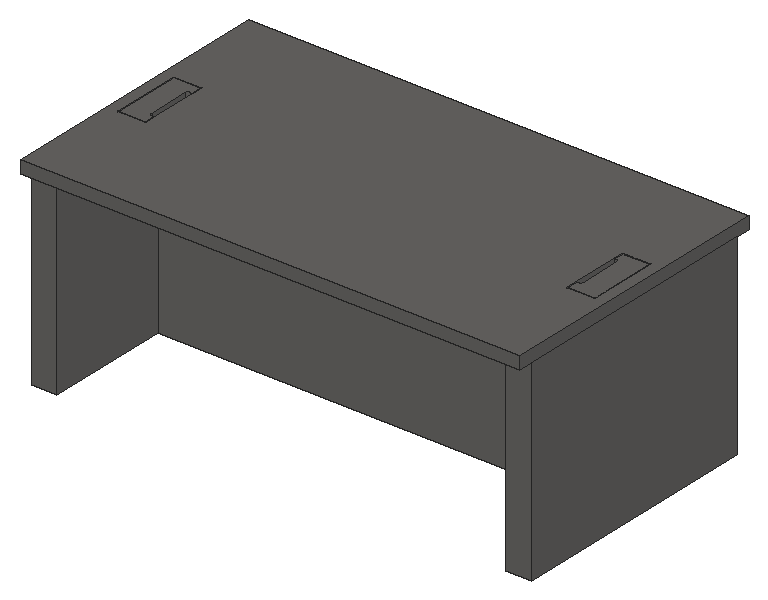
Revit family "Table-Teknion-ZXWT_Wood_Gable-R2011", category Furniture, Revit 2013
Parameters (values of type "(See Type Catalog)")
  With Grommets = yes
  Width = 70.0000"
  Warranty = "http://www.teknionstudio.com/pdfs/Teknion%20Studio%20Warranty.pdf"
  Unit Weight = 0.00 lbf
  Unit Finish [instance] = Veneer - Teknion - P7 - Grey Oak
  URL = "www.teknionstudio.com"
  Series = "B&B Italia"
  Product Page URL = "http://www.teknionstudio.com/acexecutive/"
  Product Line = "AC Executive"
  Product Documentation Link = "http://www.teknionstudio.com/pricing/ac_executive_ppg.pdf"
  Part Number = "ZXWT"
  Modesty Visibility Control = or(Has Full Modesty, or(Has Half Modesty))  # yes
  Modesty Lenght = if(Has Full Modesty, (Height - 1.7646" - 0.6299"), if(Has Half Modesty, (Height - 1.7646" - 0.6299") / 2, 1.0000"))  # 27.32816"
  Model = ""
  Manufacturer Phone = "919-464-2920"
  Manufacturer Fax = "919-464-2927"
  Manufacturer Email = "customersupport@teknionstudio.com"
  Manufacturer Address = "3940 US 70 Business HWY West, Clayton, NC 27520"
  Manufacturer = "Teknion Studio"  # constant formula
  Low Emitting Material = yes
  Low Emitting Finish = yes
  Height = 29.72266"
  Has Support Bar = and(not(Has Half Modesty), not(Has Full Modesty))  # no
  Has Half Modesty = no
  Has Full Modesty = yes
  Grommet Void = if(With Grommets, 10.5000", 2.0000")  # 10.5000"
  Description = ""
  Depth = 40.0000"
  Assembly Code = "E2020200"
Reference planes (in)
  plane 1 "Center F/B": y = 0
  plane 2: z = 0
  plane 3 "Center L/R": x = 0
  plane 4 "Left": x = -35
  plane 5 "Right": x = 35
  plane 6 "Back": y = 20
  plane 7 "Front": y = -20
  plane 8 "Top": z = 29.72266
  plane 9: z = 27.95806
  plane 10: z = 19.72266
  plane 11: z = 30.22266
  plane 12: z = 0.6299
  plane 13 "Foot Centerline": y = -16
  plane 14 "Centerline": y = -16
  plane 15 "Back Foot Centerline": y = 16
  plane 16: y = 16
  plane 17: y = -11
  plane 18: y = 16
  plane 19: z = 0.6299
Forms (in)
  Sweep 1, solid, material "Veneer - Teknion - P7 - Grey Oak" <- "Unit Finish"
    path origin (0, 0, 15.40683) x (-1, 0, 0) y (0, -1, 0)
      loop
        line (-35, 0) -> (35, 0)
    profile origin (0, 0, 15.40683) x (0, -1, 0) y (0, 0, 1)
      loop
        line (-20, 14.31582) -> (-20, 12.55122) -> (20, 12.55122) -> (20, 14.31582) -> (-20, 14.31582)
  Sweep 2, void
    path origin (0, 0, 0) x (1, 0, 0) y (0, 0, 1)
      loop
        line (0, 19.72266) -> (0, 30.22266)
    profile origin (0, 0, 24.97266) x (-1, 0, 0) y (0, -1, 0)
      loop
        line (29.61319, -3.34646) -> (29.61319, -4.67008)
        arc (29.61319, -4.67008) -> (29.65015, -4.7593) -> (29.73937, -4.79626) r 0.12618
        line (29.73937, -4.79626) -> (33.17402, -4.79626)
        arc (33.17402, -4.79626) -> (33.26324, -4.7593) -> (33.3002, -4.67008) r 0.12618
        line (33.3002, -4.67008) -> (33.3002, 4.67008)
        arc (33.3002, 4.67008) -> (33.26324, 4.7593) -> (33.17402, 4.79626) r 0.12618
        line (33.17402, 4.79626) -> (29.73937, 4.79626)
        arc (29.73937, 4.79626) -> (29.65015, 4.7593) -> (29.61319, 4.67008) r 0.12618
        line (29.61319, 4.67008) -> (29.61319, 3.34646) -> (29.88189, 3.34646)
        arc (29.88189, 3.34646) -> (30.16028, 3.23114) -> (30.27559, 2.95276) r 0.3937
        line (30.27559, 2.95276) -> (30.27559, -2.95276)
        arc (30.27559, -2.95276) -> (30.16028, -3.23114) -> (29.88189, -3.34646) r 0.3937
        line (29.88189, -3.34646) -> (29.61319, -3.34646)
      loop
        arc (29.48819, -4.76378) -> (29.53431, -4.87513) -> (29.64567, -4.92126) r 0.15748
        line (29.64567, -4.92126) -> (33.26772, -4.92126)
        arc (33.26772, -4.92126) -> (33.37907, -4.87513) -> (33.4252, -4.76378) r 0.15748
        line (33.4252, -4.76378) -> (33.4252, 4.76378)
        arc (33.4252, 4.76378) -> (33.37907, 4.87513) -> (33.26772, 4.92126) r 0.15748
        line (33.26772, 4.92126) -> (29.64567, 4.92126)
        arc (29.64567, 4.92126) -> (29.53431, 4.87513) -> (29.48819, 4.76378) r 0.15748
        line (29.48819, 4.76378) -> (29.48819, -4.76378)
      loop
        line (-29.61319, -3.34646) -> (-29.88189, -3.34646)
        arc (-29.88189, -3.34646) -> (-30.16028, -3.23114) -> (-30.27559, -2.95276) r 0.3937
        line (-30.27559, -2.95276) -> (-30.27559, 2.95276)
        arc (-30.27559, 2.95276) -> (-30.16028, 3.23114) -> (-29.88189, 3.34646) r 0.3937
        line (-29.88189, 3.34646) -> (-29.61319, 3.34646) -> (-29.61319, 4.67008)
        arc (-29.61319, 4.67008) -> (-29.65015, 4.7593) -> (-29.73937, 4.79626) r 0.12618
        line (-29.73937, 4.79626) -> (-33.17402, 4.79626)
        arc (-33.17402, 4.79626) -> (-33.26324, 4.7593) -> (-33.3002, 4.67008) r 0.12618
        line (-33.3002, 4.67008) -> (-33.3002, -4.67008)
        arc (-33.3002, -4.67008) -> (-33.26324, -4.7593) -> (-33.17402, -4.79626) r 0.12618
        line (-33.17402, -4.79626) -> (-29.73937, -4.79626)
        arc (-29.73937, -4.79626) -> (-29.65015, -4.7593) -> (-29.61319, -4.67008) r 0.12618
        line (-29.61319, -4.67008) -> (-29.61319, -3.34646)
      loop
        line (-29.48819, -4.76378) -> (-29.48819, 4.76378)
        arc (-29.48819, 4.76378) -> (-29.53431, 4.87513) -> (-29.64567, 4.92126) r 0.15748
        line (-29.64567, 4.92126) -> (-33.26772, 4.92126)
        arc (-33.26772, 4.92126) -> (-33.37907, 4.87513) -> (-33.4252, 4.76378) r 0.15748
        line (-33.4252, 4.76378) -> (-33.4252, -4.76378)
        arc (-33.4252, -4.76378) -> (-33.37907, -4.87513) -> (-33.26772, -4.92126) r 0.15748
        line (-33.26772, -4.92126) -> (-29.64567, -4.92126)
        arc (-29.64567, -4.92126) -> (-29.53431, -4.87513) -> (-29.48819, -4.76378) r 0.15748
  Sweep 3, solid, material "Veneer - Teknion - P7 - Grey Oak" <- "Unit Finish"
    path origin (0, 0, 0) x (1, 0, 0) y (0, 0, 1)
      loop
        line (0, 27.95806) -> (0, 0.6299)
    profile origin (0, 0, 14.29398) x (0, -1, 0) y (1, 0, 0)
      loop
        line (-18, -35) -> (18, -35) -> (18, -31.4567) -> (-18, -31.4567) -> (-18, -35)
      loop
        line (-18, 35) -> (-18, 31.4567) -> (18, 31.4567) -> (18, 35) -> (-18, 35)
  Revolve 4, solid, material "Metal - Teknion - C6 - Chrome"
    sketch origin (0, -16, 0) x (-1, 0, 0) y (0, 0, 1)
      loop
        line (33.22835, 0) -> (33.96634, 0) -> (33.96634, 0.16) -> (33.51069, 0.16) -> (33.51069, 0.6299) -> (33.22835, 0.6299) -> (33.22835, 0)
      axis (33.22835, 0.6299) -> (33.22835, 0)
    angle from 0 to 360
  Revolve 5, solid, material "Metal - Teknion - C6 - Chrome"
    sketch origin (4.5366, 16, 0) x (-1, 0, 0) y (0, 0, 1)
      loop
        line (37.76495, 0) -> (38.50294, 0) -> (38.50294, 0.16) -> (38.04729, 0.16) -> (38.04729, 0.6299) -> (37.76495, 0.6299) -> (37.76495, 0)
      axis (37.76495, 0.6299) -> (37.76495, 0)
    angle from 0 to 360
  Revolve 6, solid, material "Metal - Teknion - C6 - Chrome"
    sketch origin (0, -16, 0) x (-1, 0, 0) y (0, 0, 1)
      loop
        line (-33.22835, 0) -> (-33.22835, 0.6299) -> (-33.51069, 0.6299) -> (-33.51069, 0.16) -> (-33.96634, 0.16) -> (-33.96634, 0) -> (-33.22835, 0)
      axis (-33.22835, 0.6299) -> (-33.22835, 0)
    angle from 0 to 360
  Revolve 7, solid, material "Metal - Teknion - C6 - Chrome"
    sketch origin (-4.5366, 16, 0) x (1, 0, 0) y (0, 0, 1)
      loop
        line (37.76495, 0) -> (38.50294, 0) -> (38.50294, 0.16) -> (38.04729, 0.16) -> (38.04729, 0.6299) -> (37.76495, 0.6299) -> (37.76495, 0)
      axis (37.76495, 0.6299) -> (37.76495, 0)
    angle from 0 to 360
  Sweep 8, solid, material "Veneer - Teknion - P7 - Grey Oak" <- "Unit Finish", visible <- "Modesty Visibility Control"
    path origin (0, 0, 0) x (1, 0, 0) y (0, 0, 1)
      loop
        line (0, 27.95806) -> (0, 0.6299)
    profile origin (0, 0, 14.29398) x (0, -1, 0) y (1, 0, 0)
      loop
        line (-0.3622, -31.4567) -> (0.3622, -31.4567) -> (0.3622, 31.4567) -> (-0.3622, 31.4567) -> (-0.3622, -31.4567)
  Sweep 9, solid, material "Metal - Teknion - C6 - Chrome", visible <- "Has Support Bar"
    path origin (0, 0, 29.72266) x (-1, 0, 0) y (0, -1, 0)
      loop
        line (31.4567, 0) -> (-31.4567, 0)
    profile origin (0, 0, 29.72266) x (0, 1, 0) y (0, 0, 1)
      loop
        circle (0, -5.709) r 0.5905
  Sweep 10, solid, material "Metal - Teknion - C6 - Chrome", visible <- "Has Support Bar"
    path origin (0, 0, 0) x (1, 0, 0) y (0, 0, 1)
      loop
        line (0, 24.01366) -> (0, 27.95806)
    profile origin (0, 0, 25.98586) x (-1, 0, 0) y (0, -1, 0)
      loop
        circle (0, 0) r 0.5905
Cuts and joins
  Sweep 2 cuts Sweep 1
  joined: Sweep 9, Sweep 10
Lines and regions (in)
  Masking region 1
    outline origin (0, 0, 29.72266) x (-1, 0, 0) y (0, -1, 0)
      loop
        line (35, -20) -> (35, 20) -> (-35, 20) -> (-35, -20) -> (35, -20)
  symbolic lines, visible <- "With Grommets", detail levels medium+fine
    curve 1: arc (-30.27559, 2.95276, 29.72266) -> (-30.16028, 3.23114, 29.72266) -> (-29.88189, 3.34646, 29.72266) r 0.3937
    curve 2: line (-29.88189, 3.34646, 29.72266) -> (-29.48819, 3.34646, 29.72266)
    curve 4: line (-29.48819, -3.34646, 29.72266) -> (-29.88189, -3.34646, 29.72266)
    curve 5: arc (-29.88189, -3.34646, 29.72266) -> (-30.16028, -3.23114, 29.72266) -> (-30.27559, -2.95276, 29.72266) r 0.3937
    curve 6: line (-30.27559, -2.95276, 29.72266) -> (-30.27559, 2.95276, 29.72266)
    curve 12: arc (30.27559, 2.95276, 29.72266) -> (30.16028, 3.23114, 29.72266) -> (29.88189, 3.34646, 29.72266) r 0.3937
    curve 13: line (29.88189, 3.34646, 29.72266) -> (29.48819, 3.34646, 29.72266)
    curve 15: line (29.48819, -3.34646, 29.72266) -> (29.88189, -3.34646, 29.72266)
    curve 16: arc (29.88189, -3.34646, 29.72266) -> (30.16028, -3.23114, 29.72266) -> (30.27559, -2.95276, 29.72266) r 0.3937
    curve 17: line (30.27559, -2.95276, 29.72266) -> (30.27559, 2.95276, 29.72266)
  symbolic lines, visible <- "With Grommets"
    curve 3: line (-29.48819, 4.76378, 29.72266) -> (-29.48819, -4.76378, 29.72266)
    curve 7: line (-29.64567, -4.92126, 29.72266) -> (-33.26772, -4.92126, 29.72266)
    curve 8: arc (-29.64567, -4.92126, 29.72266) -> (-29.53431, -4.87513, 29.72266) -> (-29.48819, -4.76378, 29.72266) r 0.15748
    curve 9: arc (-33.4252, -4.76378, 29.72266) -> (-33.37907, -4.87513, 29.72266) -> (-33.26772, -4.92126, 29.72266) r 0.15748
    curve 10: line (-33.4252, -4.76378, 29.72266) -> (-33.4252, 4.76378, 29.72266)
    curve 11: arc (-29.48819, 4.76378, 29.72266) -> (-29.53431, 4.87513, 29.72266) -> (-29.64567, 4.92126, 29.72266) r 0.15748
    curve 14: line (29.48819, 4.76378, 29.72266) -> (29.48819, -4.76378, 29.72266)
    curve 18: line (29.64567, -4.92126, 29.72266) -> (33.26772, -4.92126, 29.72266)
    curve 19: line (33.4252, -4.76378, 29.72266) -> (33.4252, 4.76378, 29.72266)
    curve 20: line (33.26772, 4.92126, 29.72266) -> (29.64567, 4.92126, 29.72266)
    curve 21: line (-33.26772, 4.92126, 29.72266) -> (-29.64567, 4.92126, 29.72266)
    curve 22: arc (-29.64567, 4.92126, 29.72266) -> (-29.53431, 4.87513, 29.72266) -> (-29.48819, 4.76378, 29.72266) r 0.15748
    curve 23: arc (29.64567, -4.92126, 29.72266) -> (29.53431, -4.87513, 29.72266) -> (29.48819, -4.76378, 29.72266) r 0.15748
    curve 24: arc (33.4252, -4.76378, 29.72266) -> (33.37907, -4.87513, 29.72266) -> (33.26772, -4.92126, 29.72266) r 0.15748
    curve 25: arc (29.48819, 4.76378, 29.72266) -> (29.53431, 4.87513, 29.72266) -> (29.64567, 4.92126, 29.72266) r 0.15748
    curve 26: arc (33.26772, 4.92126, 29.72266) -> (33.37907, 4.87513, 29.72266) -> (33.4252, 4.76378, 29.72266) r 0.15748
    curve 27: arc (-33.4252, 4.76378, 29.72266) -> (-33.37907, 4.87513, 29.72266) -> (-33.26772, 4.92126, 29.72266) r 0.15748
  symbolic lines, style "FurnitureHiddenLines", detail levels medium+fine
    curve 28: line (-31.4567, 18, 29.72266) -> (-31.4567, -18, 29.72266)
    curve 29: line (31.4567, -18, 29.72266) -> (31.4567, 18, 29.72266)
    curve 31: line (-31.4567, 18, 29.72266) -> (-35, 18, 29.72266)
    curve 32: line (-35, -18, 29.72266) -> (-31.4567, -18, 29.72266)
    curve 33: line (35, 18, 29.72266) -> (31.4567, 18, 29.72266)
    curve 34: line (31.4567, -18, 29.72266) -> (35, -18, 29.72266)
  symbolic lines, style "FurnitureHiddenLines", visible <- "Modesty Visibility Control", detail levels fine
    curve 30: line (-31.4567, 0.3622, 29.72266) -> (31.4567, 0.3622, 29.72266)
    curve 35: line (-31.4567, -0.3622, 29.72266) -> (31.4567, -0.3622, 29.72266)
Dimensions and locks (in)
  "Height": plane 8 "Top" to plane 2
  equal spacing: plane 4 "Left", plane 3 "Center L/R", plane 5 "Right"
  "Width": plane 4 "Left" to plane 5 "Right"
  equal spacing: plane 6 "Back", plane 1 "Center F/B", plane 7 "Front"
  "Depth": plane 6 "Back" to plane 7 "Front"
  locked: plane 8 "Top" to plane 9 at 1.7646
  locked: plane 8 "Top" to plane 10 at 10
  "Grommet Void": plane 11 to plane 10
  locked: plane 4 "Left" to Sweep 2 sketch curve at 5.51181
  Sweep 2 sketch curve to plane 1 "Center F/B" to Sweep 2 sketch curve = 3.34646" locked, 3.34646" locked  (x2)
  locked: Sweep 2 sketch curve to Sweep 2 sketch curve at 0.7874  (x2)
  Sweep 2 sketch curve to plane 1 "Center F/B" to Sweep 2 sketch curve = 4.92126" locked, 4.92126" locked  (x2)
  locked: Sweep 2 sketch curve to plane 5 "Right" at 5.51181
  locked: plane 12 to plane 2 at 0.6299
  locked: plane 4 "Left" to Sweep 3 sketch curve at 3.5433
  locked: plane 13 "Foot Centerline" to plane 7 "Front" at 4
  plane 13 "Foot Centerline" to plane 14 "Centerline" = 0.0000"
  locked: Revolve 4 sketch curve to Revolve 4 sketch curve at 0.16
  locked: plane 4 "Left" to Revolve 4 sketch curve at 1.77165
  Revolve 4 sketch curve to Revolve 4 sketch curve to Revolve 4 sketch curve = 0.28234" locked, 0.45565" locked
  locked: plane 6 "Back" to plane 15 "Back Foot Centerline" at 4
  locked: Revolve 5 sketch curve to Revolve 5 sketch curve at 0.16
  Revolve 5 sketch curve to Revolve 5 sketch curve to Revolve 5 sketch curve = 0.28234" locked, 0.45565" locked
  locked: Revolve 5 sketch curve to plane 4 "Left" at 1.77165
  locked: Revolve 6 sketch curve to Revolve 6 sketch curve at 0.16
  Revolve 6 sketch curve to Revolve 6 sketch curve to Revolve 6 sketch curve = 0.28234" locked, 0.45565" locked
  locked: Revolve 7 sketch curve to Revolve 7 sketch curve at 0.16
  Revolve 7 sketch curve to Revolve 7 sketch curve to Revolve 7 sketch curve = 0.28234" locked, 0.45565" locked
  locked: plane 5 "Right" to Revolve 7 sketch curve at 1.77165
  locked: plane 5 "Right" to Revolve 6 sketch curve at 1.77165
  locked: Sweep 3 sketch curve to plane 6 "Back" at 2
  locked: Sweep 3 sketch curve to plane 5 "Right" at 3.5433
  locked: Sweep 3 sketch curve to plane 7 "Front" at 2
  locked: plane 6 "Back" to Sweep 3 sketch curve at 2
  locked: plane 7 "Front" to Sweep 3 sketch curve at 2
  "Modesty Lenght": plane 9 to plane 19
  locked: Sweep 8 sketch curve to plane 5 "Right" at 3.5433
  locked: plane 4 "Left" to Sweep 8 sketch curve at 3.5433
  equal spacing: Sweep 8 sketch curve, plane 1 "Center F/B", Sweep 8 sketch curve, locked at 0.3622 each
  Sweep 8 to plane 1 "Center F/B" to Sweep 8 = 0.3622" locked, 0.3622" locked
  locked: Sweep 9 sketch curve to plane 5 "Right" at 3.5433
  locked: plane 4 "Left" to Sweep 9 sketch curve at 3.5433
  locked: plane 8 "Top" to Sweep 9 sketch curve at 5.709
  locked: plane 9 to Sweep 10 sketch curve at 3.9444
  aligned and locked: level to plane 2
  aligned and locked: Sweep 1 sketch curve to plane 1 "Center F/B"
  aligned and locked: plane 4 "Left" to Sweep 1 sketch curve
  aligned and locked: plane 5 "Right" to Sweep 1 sketch curve
  aligned and locked: plane 9 to Sweep 1 sketch curve
  aligned and locked: Sweep 1 sketch curve to plane 8 "Top"
  aligned and locked: Sweep 1 sketch curve to plane 7 "Front"
  aligned and locked: Sweep 1 sketch curve to plane 6 "Back"
  aligned and locked: plane 3 "Center L/R" to Sweep 2 sketch curve
  aligned and locked: plane 11 to Sweep 2 sketch curve
  aligned and locked: plane 10 to Sweep 2 sketch curve
  aligned and locked: Masking region 1 sketch curve to plane 6 "Back"
  aligned and locked: Masking region 1 sketch curve to plane 7 "Front"
  aligned and locked: Masking region 1 sketch curve to plane 5 "Right"
  aligned and locked: Masking region 1 sketch curve to plane 4 "Left"
  aligned and locked: curve 1 to cut or joined group of Sweep 1, Sweep 2
  aligned and locked: curve 4 to cut or joined group of Sweep 1, Sweep 2
  aligned and locked: curve 5 to cut or joined group of Sweep 1, Sweep 2
  aligned and locked: curve 22 to curve 11
  aligned and locked: curve 21 to curve 11
  aligned and locked: curve 23 to cut or joined group of Sweep 1, Sweep 2
  aligned and locked: curve 24 to cut or joined group of Sweep 1, Sweep 2
  aligned and locked: curve 25 to cut or joined group of Sweep 1, Sweep 2
  aligned and locked: curve 26 to cut or joined group of Sweep 1, Sweep 2
  aligned and locked: curve 27 to cut or joined group of Sweep 1, Sweep 2
  aligned and locked: plane 12 to Sweep 3 sketch curve
  aligned and locked: plane 9 to Sweep 3 sketch curve
  aligned and locked: Sweep 3 sketch curve to plane 3 "Center L/R"
  aligned and locked: plane 4 "Left" to Sweep 3 sketch curve
  aligned and locked: plane 2 to Revolve 4 sketch curve
  aligned and locked: Revolve 4 sketch curve to plane 12
  aligned and locked: Revolve 4 sketch curve to Revolve 4 sketch curve
  aligned and locked: Revolve 5 sketch curve to Revolve 5 sketch curve
  aligned and locked: Revolve 5 sketch curve to plane 2
  aligned and locked: plane 12 to Revolve 5 sketch curve
  aligned and locked: Revolve 6 sketch curve to Revolve 6 sketch curve
  aligned and locked: Revolve 7 sketch curve to Revolve 7 sketch curve
  aligned and locked: plane 2 to Revolve 7 sketch curve
  aligned and locked: Revolve 7 sketch curve to plane 12
  aligned and locked: plane 12 to Revolve 6 sketch curve
  aligned and locked: Revolve 6 sketch curve to plane 2
  aligned and locked: curve 28 to curve 30
  aligned and locked: plane 5 "Right" to Sweep 3 sketch curve
  aligned and locked: curve 28 to Sweep 3
  aligned and locked: curve 29 to Sweep 3
  aligned and locked: curve 31 to Sweep 3
  aligned and locked: curve 32 to Sweep 3
  aligned and locked: curve 33 to Sweep 3
  aligned and locked: curve 34 to Sweep 3
  aligned and locked: Sweep 8 sketch curve to plane 3 "Center L/R"
  aligned and locked: plane 9 to Sweep 8 sketch curve
  aligned and locked: plane 19 to Sweep 8 sketch curve
  aligned and locked: plane 1 "Center F/B" to Sweep 9 sketch curve  (x2)
  aligned and locked: plane 3 "Center L/R" to Sweep 10 sketch curve
  aligned and locked: plane 1 "Center F/B" to Sweep 10 sketch curve
  aligned and locked: plane 9 to Sweep 10 sketch curve
Automatic sketch dimensions
  Revolve 4 sketch curve to Revolve 4 sketch curve = 0.0000"
  Revolve 4 sketch curve to Revolve 4 sketch curve = 0.28234"
  plane 4 "Left" to Revolve 4 sketch curve = 1.03366"
  Revolve 4 sketch curve to level = 0.70358"
  plane 12 to Revolve 4 sketch curve = 0.56789"
  Revolve 4 sketch curve to Revolve 4 sketch curve = 0.45565"
  level to Revolve 4 sketch curve = 0.1600"
  Sweep 2 sketch curve to Sweep 2 sketch curve = 2.89843"  (x4)
  Sweep 2 sketch curve to Sweep 2 sketch curve = 0.0937"  (x10)
  Sweep 2 sketch curve to Sweep 2 sketch curve = 0.03248"  (x4)
  Sweep 2 sketch curve to Sweep 2 sketch curve = 0.1250"  (x6)
  Sweep 2 sketch curve to Sweep 2 sketch curve = 0.3937"  (x3)
  Sweep 2 sketch curve to Sweep 2 sketch curve = 0.25118"  (x2)
  Sweep 2 sketch curve to Sweep 2 sketch curve = 0.2687"  (x2)
  Sweep 2 sketch curve to Sweep 2 sketch curve = 0.6624"
  level to Revolve 5 sketch curve = 0.70358"
  Revolve 5 sketch curve to Revolve 5 sketch curve = 0.56789"
  Revolve 7 sketch curve to level = 0.70358"
  plane 12 to Revolve 7 sketch curve = 0.56789"
  Revolve 6 sketch curve to level = 0.70358"
  plane 12 to Revolve 6 sketch curve = 0.56789"
  Sweep 8 sketch curve to plane 1 "Center F/B" = 0.3622"
  curve 11 to curve 22 = 0.0000"  (x2)
  curve 34 to plane 5 "Right" = 0.0000"
  curve 33 to plane 5 "Right" = 0.0000"
  curve 31 to plane 4 "Left" = 0.0000"
  curve 32 to plane 4 "Left" = 0.0000"
  curve 17 to curve 15 = 0.7874"
  curve 16 to curve 16 = 0.3937"
  curve 13 to curve 13 = 0.3937"
  curve 4 to curve 4 = 0.3937"
  curve 3 to curve 21 = 0.15748"
  curve 8 to curve 7 = 0.15748"
  curve 7 to curve 10 = 0.15748"
  curve 19 to curve 26 = 0.0000"
  curve 14 to curve 25 = 0.0000"
  curve 25 to curve 12 = 1.41732"
  curve 30 to plane 1 "Center F/B" = 0.3622"
  plane 1 "Center F/B" to curve 35 = 0.3622"
  curve 17 to curve 23 = 1.81102"
  curve 5 to curve 10 = 1.81102"
  Sweep 10 sketch curve to plane 3 "Center L/R" = 0.0000"
  radius of Sweep 9 sketch curve = 0.5905"
  radius of Sweep 10 sketch curve = 0.5905"
